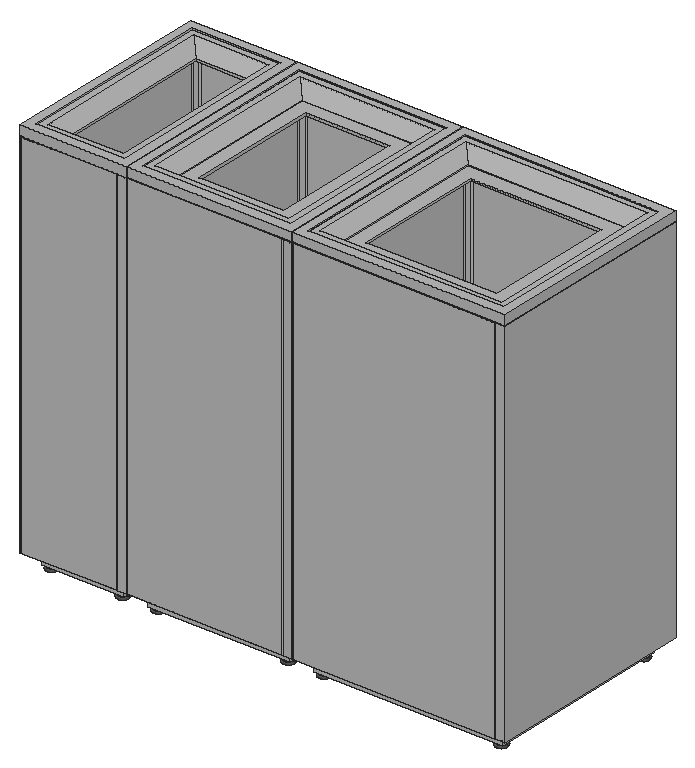
Revit family "REVIT-MG-1063-Valuta-", category Furniture, Revit 2016 (continued)
Definition of nested family "Magnuson-Valuta_1818L"
  Definition of nested family "Laminate"
    Dimensions and locks (in)
      Extrusion 7 sketch curve to Extrusion 7 sketch curve to Extrusion 7 sketch curve to plane 1 "Center (Front/Back)" to Extrusion 7 sketch curve to Extrusion 7 sketch curve to Extrusion 7 sketch curve = 0.01098" locked, 0.35576" locked, 4.76699" locked, 4.77658" locked, 0.35645" locked, 0" locked
      "Dist Sec 45°": Extrusion 7 to plane 9
      "Width Sec 45°": plane 3 "Center (Left/Right)" to plane 17
      aligned and locked: level to plane 2
      aligned and locked: Extrusion 2 to plane 9
      aligned and locked: Extrusion 3 to plane 9
      aligned and locked: Extrusion 4 to plane 9
      aligned and locked: Extrusion 5 to plane 9
      aligned and locked: plane 12 to Extrusion 2 sketch curve
      aligned and locked: plane 1 "Center (Front/Back)" to Extrusion 2 sketch curve
      aligned and locked: curve 1 to cut or joined group of Extrusion 1, Extrusion 2, Extrusion 3, Extrusion 4, Extrusion 5, Extrusion 6, Extrusion 7
      aligned and locked: curve 2 to cut or joined group of Extrusion 1, Extrusion 2, Extrusion 3, Extrusion 4, Extrusion 5, Extrusion 6, Extrusion 7
      aligned and locked: curve 3 to cut or joined group of Extrusion 1, Extrusion 2, Extrusion 3, Extrusion 4, Extrusion 5, Extrusion 6, Extrusion 7
      aligned and locked: curve 4 to cut or joined group of Extrusion 1, Extrusion 2, Extrusion 3, Extrusion 4, Extrusion 5, Extrusion 6, Extrusion 7
      aligned and locked: plane 14 to curve 10
      aligned and locked: plane 1 "Center (Front/Back)" to curve 10
      aligned and locked: plane 14 to curve 9
      aligned and locked: plane 1 "Center (Front/Back)" to curve 9
      aligned and locked: plane 15 to curve 21
      aligned and locked: plane 1 "Center (Front/Back)" to curve 21
      aligned and locked: plane 15 to curve 22
      aligned and locked: plane 1 "Center (Front/Back)" to curve 22
      aligned and locked: curve 23 to Extrusion 2
      aligned and locked: curve 24 to Extrusion 2
      aligned and locked: curve 25 to Extrusion 4
      aligned and locked: curve 26 to Extrusion 4
      aligned and locked: curve 29 to Extrusion 3
      aligned and locked: curve 30 to Extrusion 3
      aligned and locked: curve 31 to Extrusion 3
      aligned and locked: curve 32 to Extrusion 3
      aligned and locked: curve 33 to Extrusion 3
      aligned and locked: curve 34 to Extrusion 3
      aligned and locked: curve 35 to Extrusion 5
      aligned and locked: curve 36 to Extrusion 5
      aligned and locked: curve 37 to Extrusion 5
      aligned and locked: curve 38 to Extrusion 5
      aligned and locked: curve 27 to Extrusion 4
      aligned and locked: curve 28 to Extrusion 4
      aligned and locked: Extrusion 6 to plane 9
      aligned and locked: curve 39 to Extrusion 6
      aligned and locked: curve 40 to Extrusion 6
      aligned and locked: curve 41 to Extrusion 6
      aligned and locked: curve 42 to Extrusion 6
      aligned and locked: Extrusion 7 to plane 9
      aligned and locked: curve 43 to Extrusion 7
      aligned and locked: curve 44 to Extrusion 7
      aligned and locked: curve 45 to Extrusion 7
      aligned and locked: curve 46 to Extrusion 7
      aligned and locked: curve 47 to Extrusion 7
      aligned and locked: curve 48 to Extrusion 7
    Automatic sketch dimensions
      plane 4 to Extrusion 3 sketch curve = 3.47573"
      Extrusion 3 sketch curve to Extrusion 3 sketch curve = 0.19795"  (x2)
      Extrusion 3 sketch curve to Extrusion 3 sketch curve = 1.61216"
      Extrusion 3 sketch curve to plane 1 "Center (Front/Back)" = 3.91211"
      Extrusion 3 sketch curve to Extrusion 3 sketch curve = 1.41421"
      plane 4 to Extrusion 4 sketch curve = 3 1/2"
      plane 11 to Extrusion 4 sketch curve = 1"
      plane 4 to curve 19 = 3 1/2"
      plane 4 to curve 12 = 3.47573"
      curve 11 to curve 11 = 0.19795"
      curve 11 to curve 8 = 1.61216"
      plane 1 "Center (Front/Back)" to curve 13 = 2.03293"
      plane 1 "Center (Front/Back)" to curve 18 = 1 7/8"
      plane 1 "Center (Front/Back)" to curve 20 = 1 7/8"
      plane 1 "Center (Front/Back)" to curve 8 = 0.61872"
      curve 6 to plane 1 "Center (Front/Back)" = 3.91211"
      curve 5 to curve 7 = 1.41421"
      curve 5 to curve 7 = 1.61216"
      plane 5 to curve 16 = 3 1/2"
      plane 15 to curve 15 = 1"
      plane 15 to curve 19 = 1"
      Extrusion 6 sketch curve to plane 16 = 1/4"
      radius of Extrusion 2 sketch curve = 2 1/8"
  Definition of nested family "Sign Holder"
    Parameters (values of type "Sign Holder")
      Support Finish [instance] = none
      Sign Holder Magnetic [instance] = yes
      Sign Holder Acrylic [instance] = yes
      Magnetic Finish [instance] = none
      Acrylic Finish [instance] = none
    Reference planes (in)
      plane 1 "Center (Front/Back)": y = 0
      plane 2: z = 0
      plane 3 "Center (Left/Right)": x = 0
      plane 4: x = -4.34375
      plane 5: x = 4.34375
      plane 6: y = 3.01425
      plane 7: z = 40.44357
      plane 8: z = 30.38104
      plane 9: z = 51.63018
    Forms (in)
      Extrusion 1, solid, material <- "Support Finish", visible <- "Sign Holder Acrylic"
        sketch origin (0, 0, 0) x (0, 1, 0) y (0, 0, 1)
          loop
            line (0, 30.38104) -> (0.11434, 30.38104) -> (0.11434, 40.41393) -> (3.01425, 51.60054) -> (2.8999, 51.63018) -> (0, 40.44357) -> (0, 30.38104)
        from -4.34375 to 4.34375
      Extrusion 2, solid, material <- "Acrylic Finish", visible <- "Sign Holder Acrylic"
        sketch origin (0, 0, 0) x (0, 1, 0) y (0, 0, 1)
          loop
            line (-0.07089, 40.484) -> (0.00535, 40.46423) -> (2.89111, 51.59628) -> (2.81487, 51.61604) -> (-0.07089, 40.484)
        from -4.31158 to 4.30579
      Extrusion 3, solid, material <- "Support Finish", visible <- "Sign Holder Magnetic"
        sketch origin (0, 0, 0) x (0, 1, 0) y (0, 0, 1)
          loop
            line (0, 30.38104) -> (0.11434, 30.38104) -> (0.11434, 40.41393) -> (3.01425, 51.60054) -> (2.8999, 51.63018) -> (0, 40.44357) -> (0, 30.38104)
        from -4.34375 to 4.34375
      Extrusion 4, solid, material <- "Magnetic Finish", visible <- "Sign Holder Magnetic"
        sketch origin (0, 0, 0) x (0, 1, 0) y (0, 0, 1)
          loop
            line (-0.02562, 40.47226) -> (0.00535, 40.46423) -> (2.89111, 51.59628) -> (2.86014, 51.60431) -> (-0.02562, 40.47226)
        from -4.31158 to 4.30579
    Lines and regions (in)
      symbolic lines, visible <- "Sign Holder Acrylic"
        curve 1: line (-4.31158, -0.07089, 0) -> (4.30579, -0.07089, 0)
        curve 2: line (-4.31158, 2.89111, 0) -> (-4.31158, -0.07089, 0)
        curve 3: line (4.30579, 2.89111, 0) -> (-4.31158, 2.89111, 0)
        curve 4: line (4.30579, -0.07089, 0) -> (4.30579, 2.89111, 0)
        curve 5: line (4.30579, 2.81487, 0) -> (-4.31158, 2.81487, 0)
        curve 6: line (-4.34375, 3.01425, 0) -> (4.34375, 3.01425, 0)
        curve 7: line (4.34375, 3.01425, 0) -> (4.34375, 0, 0)
        curve 8: line (4.34375, 0, 0) -> (4.30579, 0, 0)
        curve 9: line (-4.34375, 0, 0) -> (-4.34375, 3.01425, 0)
        curve 10: line (-4.34375, 0, 0) -> (-4.31158, 0, 0)
        curve 11: line (-4.34375, 2.8999, 0) -> (4.34375, 2.8999, 0)
      symbolic lines, visible <- "Sign Holder Magnetic"
        curve 12: line (-4.34375, 3.01425, 0) -> (4.34375, 3.01425, 0)
        curve 13: line (4.34375, 3.01425, 0) -> (4.34375, 0, 0)
        curve 14: line (4.34375, 0, 0) -> (4.30579, 0, 0)
        curve 15: line (-4.34375, 0, 0) -> (-4.34375, 3.01425, 0)
        curve 16: line (-4.34375, 0, 0) -> (-4.31158, 0, 0)
        curve 17: line (-4.34375, 2.8999, 0) -> (4.34375, 2.8999, 0)
        curve 18: line (4.30579, 2.86014, 0) -> (-4.31158, 2.86014, 0)
        curve 19: line (-4.31158, 2.89111, 0) -> (4.30579, 2.89111, 0)
        curve 20: line (-4.31158, 2.89111, 0) -> (-4.31158, -0.02562, 0)
        curve 21: line (4.30579, -0.02562, 0) -> (4.30579, 2.89111, 0)
        curve 22: line (-4.31158, -0.02562, 0) -> (4.30579, -0.02562, 0)
    Dimensions and locks (in)
      aligned and locked: plane 2 to level
      aligned and locked: Extrusion 1 to plane 4
      aligned and locked: Extrusion 1 to plane 5
      aligned and locked: curve 18 to Extrusion 4
      aligned and locked: curve 19 to Extrusion 4
      aligned and locked: curve 20 to Extrusion 4
      aligned and locked: curve 21 to Extrusion 4
      aligned and locked: curve 22 to Extrusion 4
